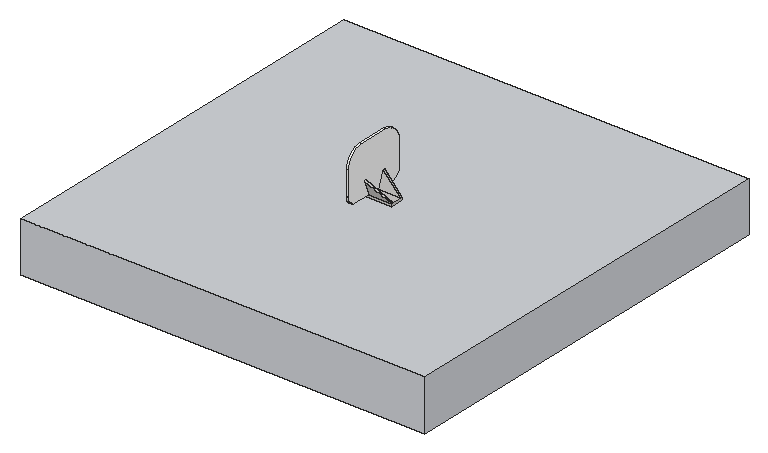
Revit family "Legrand Accessoires Colonnes universelles", category Installations électriques, Revit 2020
Family settings
  Hôte = Face
  Conserver l'orientation des annotations = Non
  Cote de connecteur circulaire = Utiliser le diamètre
  Type d'élément = Normal
  Couper avec des vides une fois chargée = Non
  Partagée = Non
  Point de calcul de pièce = Non
Parameters (values of type "Tablette")
  Standard = "Universelle"
  Modèle = "LG-653183"
  Matériau principal = "Corian"
  Longueur CV = 80 mm
  Finition = "Blanc"
  Fabricant = "LEGRAND"
  Elévation par défaut = 900 mm
  Description = "tablette support en corian Blanc pour Colonnes cv80mm - universelle"
  Accessoire = TABLES_80 : TABLES_80
Types (5, lengths in mm): name | Modèle | Matériau principal | Finition | Elévation par défaut | Description | Accessoire
  (no name) | "LG-653180" | "Corian" | "Blanc" | 2000 | "tablette support en corian Blanc pour Colonnes cv80mm - universelle" | INFORMATIONS_PANEL_80 : 150x150mm
  Support signalétique | "LG-653180" | "Mixte" | "Autre" | 2000 | "support signaletique 150x150mm avec interface cv80mm" | INFORMATIONS_PANEL_80 : 150x150mm
  Tablette | "LG-653183" | "Corian" | "Blanc" | 900 | "tablette support en corian Blanc pour Colonnes cv80mm - universelle" | TABLES_80 : TABLES_80
  Support écran 26 pouces | "LG-653181" | "Mixte" | "Autre" | 1800 | "support ecran 10-26 pouces / 25-66cm / vesa. pour Colonne cv 80" | TV_SUPPORT_80 : 25-66cm
  Support écran 42 pouces | "LG-653182" | "Mixte" | "Autre" | 1800 | "support ecran 26-42 pouces / 66-107cm / vesa. pour Colonne cv 80" | TV_SUPPORT_80 : 66-107cm
Reference planes
  plane 1 "Centre (avant/arrière)": y = 0
  plane 2: z = 0
  plane 3 "Centre (gauche/droite)": x = 0
  plane 4: z = 15
  plane 5: y = 40
  plane 6: y = -40
Forms (mm)
  Extrusion 1, solid
    sketch origin (0, 0, 0) x (1, 0, 0) y (0, 1, 0)
      loop
        line (-1219.2, 1219.2) -> (-1219.2, -1219.2) -> (1219.2, -1219.2) -> (1219.2, 1219.2) -> (-1219.2, 1219.2)
    from 0 to -304.8
Dimensions and locks
  aligned and locked: plane 2 to Extrusion 1
  aligned and locked: level to Extrusion 1
Nested families
  nested 1: "TABLES_80" at (0, 0, 0), type <- "Accessoire", type "TABLES_80"
Definition of nested family "TABLES_80"
  Parameters (values of type "Tablette Ref. 653183")
    Longueur CV = 80 mm
    Default Elevation = 1219.2 mm
  Types (3, lengths in mm): name | Longueur CV
    (no name) | 80
    Tablette Ref. 653083 | 45
    Tablette Ref. 653183 | 80
  Reference planes
    plane 1 "Centre (avant/arrière)": y = 0
    plane 2: z = 0
    plane 3 "Centre (gauche/droite)": x = 0
    plane 4: z = 15
    plane 5: x = -75
    plane 6: x = 75
    plane 7: y = 40
    plane 8: y = -40
    plane 9: x = -75
    plane 10: x = -63
    plane 11: y = 40
    plane 12: y = -40
    plane 13: y = -74.202
    plane 14: y = 74.202
    plane 15: y = 31.429
    plane 16: y = -31.429
  Forms (mm)
    Extrusion 1, solid
      sketch origin (0, 0, 0) x (1, 0, 0) y (0, 1, 0)
        loop
          line (-1219.2, 1219.2) -> (-1219.2, -1219.2) -> (1219.2, -1219.2) -> (1219.2, 1219.2) -> (-1219.2, 1219.2)
      from 0 to -304.8
    Extrusion 2, solid
      sketch origin (0, 0, 0) x (1, 0, 0) y (0, 1, 0)
        loop
          line (-75, 40) -> (-75, -40) -> (75, -40) -> (75, 40) -> (-75, 40)
      from 0 to 15
    Extrusion 3, solid
      sketch origin (0, 0, 0) x (0, 1, 0) y (0, 0, 1)
        loop
          arc (140, 15) -> (175.355, 29.645) -> (190, 65) r 50
          line (190, 65) -> (190, 215)
          arc (190, 215) -> (160.711, 285.711) -> (90, 315) r 100
          line (90, 315) -> (-90, 315)
          arc (-90, 315) -> (-160.711, 285.711) -> (-190, 215) r 100
          line (-190, 215) -> (-190, 65)
          arc (-190, 65) -> (-175.355, 29.645) -> (-140, 15) r 50
          line (-140, 15) -> (140, 15)
      from -75 to -63
    Extrusion 4, solid
      sketch origin (0, 2.718, 14.585) x (1, 0, 0) y (0, -0.34202, 0.939693)
        loop
          line (-63, 115) -> (-63, 15) -> (75, 15) -> (-63, 115)
      from 30.879 to 40
    Extrusion 5, solid
      sketch origin (0, -2.718, 14.585) x (1, 0, 0) y (0, -0.34202, -0.939693)
        loop
          line (-63, -115) -> (75, -15) -> (-63, -15) -> (-63, -115)
      from 30.879 to 40
  Dimensions and locks
    "Longueur CV": plane 8 to plane 7
    equal spacing: plane 8, plane 1 "Centre (avant/arrière)", plane 7
    plane 9 to plane 10 = 12 mm  (x2)
    Extrusion 3 to Extrusion 3 = 300 mm
    Extrusion 3 to Extrusion 3 = 380 mm
    locked: plane 15 to plane 11 at 8.571
    locked: plane 12 to plane 16 at 8.571
    aligned and locked: plane 2 to Extrusion 1
    aligned and locked: level to Extrusion 1
    aligned and locked: Extrusion 2 sketch curve to plane 8
    aligned and locked: plane 5 to Extrusion 2 sketch curve
    aligned and locked: plane 7 to Extrusion 2 sketch curve
    aligned and locked: Extrusion 2 sketch curve to plane 6
    aligned and locked: plane 15 to Extrusion 5
    aligned and locked: Extrusion 4 to plane 16
    aligned and locked: Extrusion 2 to plane 11
    aligned and locked: plane 12 to Extrusion 2
  Automatic sketch dimensions
    Extrusion 1 sketch curve to Extrusion 1 sketch curve = 2438.4 mm  (x2)
    plane 4 to Extrusion 3 sketch curve = 0 mm
    Extrusion 3 sketch curve to plane 4 = 50 mm  (x2)
    plane 1 "Centre (avant/arrière)" to Extrusion 3 sketch curve = 190 mm
    plane 1 "Centre (avant/arrière)" to Extrusion 3 sketch curve = 90 mm
    Extrusion 3 sketch curve to plane 1 "Centre (avant/arrière)" = 90 mm
    Extrusion 3 sketch curve to plane 1 "Centre (avant/arrière)" = 140 mm
    Extrusion 3 sketch curve to Extrusion 3 sketch curve = 150 mm
    Extrusion 4 sketch curve to plane 10 = 0 mm
    plane 3 "Centre (gauche/droite)" to Extrusion 4 sketch curve = 75 mm
    Extrusion 4 sketch curve to Extrusion 4 sketch curve = 100 mm
    Extrusion 5 sketch curve to plane 10 = 0 mm
    plane 3 "Centre (gauche/droite)" to Extrusion 5 sketch curve = 75 mm
    Extrusion 5 sketch curve to Extrusion 5 sketch curve = 100 mm
